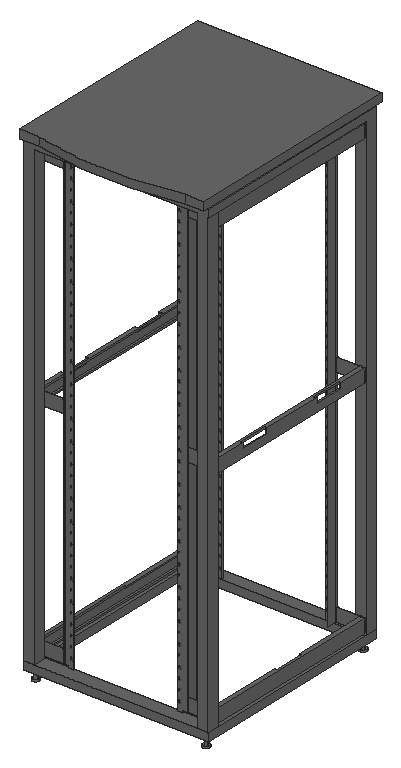
Revit family "V81A-45U-800x1000mm WITHOUT DOORS-03.04.14", category Electrical Equipment, Revit 2013 (continued)
Lines and regions (mm)
  model lines
    curve 633: line (-268.89, 338.074, 2151.25) -> (-272.89, 338.074, 2151.25)
    curve 634: line (-272.89, 338.074, 2151.25) -> (-272.89, 336.074, 2151.25)
    curve 635: line (-272.89, 336.074, 2151.25) -> (-278.89, 336.074, 2151.25)
    curve 636: line (-282.89, 341.074, 2151.25) -> (-282.89, 338.074, 2151.25)
    curve 637: line (-282.89, 338.074, 2151.25) -> (-278.89, 338.074, 2151.25)
    curve 638: line (-278.89, 338.074, 2151.25) -> (-278.89, 336.074, 2151.25)
    curve 639: line (-268.89, 341.074, 2151.25) -> (-272.89, 341.074, 2151.25)
    curve 640: line (-272.89, 341.074, 2151.25) -> (-272.89, 343.074, 2151.25)
    curve 641: line (-272.89, 343.074, 2151.25) -> (-278.89, 343.074, 2151.25)
    curve 642: line (-282.89, 341.074, 2151.25) -> (-278.89, 341.074, 2151.25)
    curve 643: line (-278.89, 341.074, 2151.25) -> (-278.89, 343.074, 2151.25)
    curve 644: line (-268.89, 205.074, 2151.25) -> (-268.89, 202.074, 2151.25)
    curve 645: line (-268.89, 202.074, 2151.25) -> (-272.89, 202.074, 2151.25)
    curve 646: line (-272.89, 202.074, 2151.25) -> (-272.89, 200.074, 2151.25)
    curve 647: line (-272.89, 200.074, 2151.25) -> (-278.89, 200.074, 2151.25)
    curve 648: line (-282.89, 205.074, 2151.25) -> (-282.89, 202.074, 2151.25)
    curve 649: line (-282.89, 202.074, 2151.25) -> (-278.89, 202.074, 2151.25)
    curve 650: line (-278.89, 202.074, 2151.25) -> (-278.89, 200.074, 2151.25)
    curve 651: line (-268.89, 205.074, 2151.25) -> (-272.89, 205.074, 2151.25)
    curve 652: line (-272.89, 205.074, 2151.25) -> (-272.89, 207.074, 2151.25)
    curve 653: line (-272.89, 207.074, 2151.25) -> (-278.89, 207.074, 2151.25)
    curve 654: line (-282.89, 205.074, 2151.25) -> (-278.89, 205.074, 2151.25)
    curve 655: line (-278.89, 205.074, 2151.25) -> (-278.89, 207.074, 2151.25)
    curve 656: line (-268.89, 273.074, 2151.25) -> (-268.89, 270.074, 2151.25)
    curve 657: line (-268.89, 270.074, 2151.25) -> (-272.89, 270.074, 2151.25)
    curve 658: line (-272.89, 270.074, 2151.25) -> (-272.89, 268.074, 2151.25)
    curve 659: line (-272.89, 268.074, 2151.25) -> (-278.89, 268.074, 2151.25)
    curve 660: line (-282.89, 273.074, 2151.25) -> (-282.89, 270.074, 2151.25)
    curve 661: line (-282.89, 270.074, 2151.25) -> (-278.89, 270.074, 2151.25)
    curve 662: line (-278.89, 270.074, 2151.25) -> (-278.89, 268.074, 2151.25)
    curve 663: line (-268.89, 273.074, 2151.25) -> (-272.89, 273.074, 2151.25)
    curve 664: line (-272.89, 273.074, 2151.25) -> (-272.89, 275.074, 2151.25)
    curve 665: line (-272.89, 275.074, 2151.25) -> (-278.89, 275.074, 2151.25)
    curve 666: line (-282.89, 273.074, 2151.25) -> (-278.89, 273.074, 2151.25)
    curve 667: line (-278.89, 273.074, 2151.25) -> (-278.89, 275.074, 2151.25)
    curve 668: line (-268.89, 236.074, 2151.25) -> (-268.89, 239.074, 2151.25)
    curve 669: line (-268.89, 239.074, 2151.25) -> (-272.89, 239.074, 2151.25)
    curve 670: line (-272.89, 239.074, 2151.25) -> (-272.89, 241.074, 2151.25)
    curve 671: line (-272.89, 241.074, 2151.25) -> (-278.89, 241.074, 2151.25)
    curve 672: line (-282.89, 236.074, 2151.25) -> (-282.89, 239.074, 2151.25)
    curve 673: line (-282.89, 239.074, 2151.25) -> (-278.89, 239.074, 2151.25)
    curve 674: line (-278.89, 239.074, 2151.25) -> (-278.89, 241.074, 2151.25)
    curve 675: line (-268.89, 236.074, 2151.25) -> (-272.89, 236.074, 2151.25)
    curve 676: line (-272.89, 236.074, 2151.25) -> (-272.89, 234.074, 2151.25)
    curve 677: line (-272.89, 234.074, 2151.25) -> (-278.89, 234.074, 2151.25)
    curve 678: line (-282.89, 236.074, 2151.25) -> (-278.89, 236.074, 2151.25)
    curve 679: line (-278.89, 236.074, 2151.25) -> (-278.89, 234.074, 2151.25)
Dimensions and locks
  nested 1 to nested 2 = 806.039 mm
  cut or joined group of Extrusion 1, Extrusion 2 to cut or joined group of Extrusion 1, Extrusion 2 = 707.913 mm
  Extrusion 3 to cut or joined group of Extrusion 1, Extrusion 2 = 2002.20 mm
  Extrusion 8 to Extrusion 6 = 2150.00 mm
Nested families
  nested 1: "VersaPOD-Frame" at (100.084, 486.862, -7.333), type "VersaPOD-Frame"
  nested 2: "VersaPOD-Frame" at (100.084, 543.841, -7.333), type "VersaPOD-Frame"
  nested 3: "VersaPOD-Frame" at (102.728, 486.862, -7.333) x (-1, 0, 0) z (0, 0, 1), type "VersaPOD-Frame"
  nested 4: "VersaPOD-Frame" at (102.728, 543.86, -7.333) x (-1, 0, 0) z (0, 0, 1), type "VersaPOD-Frame"
  nested 5: "CC-new" at (-186.885, 954.94, 2011.866) x (0, 1, 0) z (-1, 0, 0), type "CC-new"
  nested 6: "CC" at (-186.852, 76.22, 1033.723) x (0, -1, 0) z (-1, 0, 0), type "CC"
  nested 7: "CC-new" at (-186.918, 954.94, 85.925) x (0, 1, 0) z (-1, 0, 0), type "CC-new"
  nested 8: "CC-new" at (390.11, 954.94, 2011.846) x (0, 1, 0) z (1, 0, 0), type "CC-new"
  nested 9: "CC" at (390.133, 77.47, 1033.723) x (0, -1, 0) z (1, 0, 0), type "CC"
  nested 10: "CC-new" at (390, 954.94, 86.081) x (0, 1, 0) z (1, 0, 0), type "CC-new"
Definition of nested family "VersaPOD-Frame"
  Parameters (values of type "VersaPOD-Frame")
    Material = none
    Assembly Code = ""
  Reference planes
    plane 1 "Center (Front/Back)": y = 0
    plane 2: z = 0
    plane 3 "Center (Left/Right)": x = 0
  Forms (mm)
    Extrusion 1, solid, material "SIEMON STEEL(1)"
      sketch origin (172.75, 374.529, 83.392) x (-1, 0, 0) y (0, 0, 1)
        loop
          arc (-54.5, 1997.687) -> (-54.765, 1998.538) -> (-55.467, 1999.087) r 1.497
          line (-55.467, 1999.087) -> (-76.055, 1999.087)
          arc (-76.055, 1999.087) -> (-77.079, 1998.664) -> (-77.503, 1997.64) r 1.447
          line (-77.503, 1997.64) -> (-77.503, 1992.25) -> (-97.502, 1992.25) -> (-97.502, 8.219) -> (-77.503, 8.219) -> (-77.503, 2.907)
          arc (-77.503, 2.907) -> (-77.079, 1.883) -> (-76.055, 1.459) r 1.447
          line (-76.055, 1.459) -> (-55.529, 1.459)
          arc (-55.529, 1.459) -> (-54.785, 1.99) -> (-54.5, 2.859) r 1.467
          line (-54.5, 2.859) -> (-54.5, 1997.687)
        loop
          line (-66.648, 1954.997) -> (-66.648, 1945.497) -> (-57.148, 1945.497) -> (-57.148, 1954.997) -> (-66.648, 1954.997)
        loop
          line (-66.648, 1901.097) -> (-57.148, 1901.097) -> (-57.148, 1910.597) -> (-66.648, 1910.597) -> (-66.648, 1901.097)
        loop
          line (-66.648, 1866.197) -> (-66.648, 1856.697) -> (-57.148, 1856.697) -> (-57.148, 1866.197) -> (-66.648, 1866.197)
        loop
          line (-66.648, 1777.397) -> (-66.648, 1767.897) -> (-57.148, 1767.897) -> (-57.148, 1777.397) -> (-66.648, 1777.397)
        loop
          line (-66.648, 1812.297) -> (-57.148, 1812.297) -> (-57.148, 1821.797) -> (-66.648, 1821.797) -> (-66.648, 1812.297)
        loop
          line (-66.648, 1599.797) -> (-66.648, 1590.297) -> (-57.148, 1590.297) -> (-57.148, 1599.797) -> (-66.648, 1599.797)
        loop
          line (-66.648, 1634.697) -> (-57.148, 1634.697) -> (-57.148, 1644.197) -> (-66.648, 1644.197) -> (-66.648, 1634.697)
        loop
          line (-66.648, 1723.497) -> (-57.148, 1723.497) -> (-57.148, 1732.997) -> (-66.648, 1732.997) -> (-66.648, 1723.497)
        loop
          line (-66.648, 1688.597) -> (-66.648, 1679.097) -> (-57.148, 1679.097) -> (-57.148, 1688.597) -> (-66.648, 1688.597)
        loop
          line (-66.648, 1244.597) -> (-66.648, 1235.097) -> (-57.148, 1235.097) -> (-57.148, 1244.597) -> (-66.648, 1244.597)
        loop
          line (-66.648, 1279.497) -> (-57.148, 1279.497) -> (-57.148, 1288.997) -> (-66.648, 1288.997) -> (-66.648, 1279.497)
        loop
          line (-66.648, 1368.297) -> (-57.148, 1368.297) -> (-57.148, 1377.797) -> (-66.648, 1377.797) -> (-66.648, 1368.297)
        loop
          line (-66.648, 1333.397) -> (-66.648, 1323.897) -> (-57.148, 1323.897) -> (-57.148, 1333.397) -> (-66.648, 1333.397)
        loop
          line (-66.648, 1545.897) -> (-57.148, 1545.897) -> (-57.148, 1555.397) -> (-66.648, 1555.397) -> (-66.648, 1545.897)
        loop
          line (-66.648, 1510.997) -> (-66.648, 1501.497) -> (-57.148, 1501.497) -> (-57.148, 1510.997) -> (-66.648, 1510.997)
        loop
          line (-66.648, 1422.197) -> (-66.648, 1412.697) -> (-57.148, 1412.697) -> (-57.148, 1422.197) -> (-66.648, 1422.197)
        loop
          line (-66.648, 1457.097) -> (-57.148, 1457.097) -> (-57.148, 1466.597) -> (-66.648, 1466.597) -> (-66.648, 1457.097)
        loop
          line (-66.648, 534.197) -> (-66.648, 524.697) -> (-57.148, 524.697) -> (-57.148, 534.197) -> (-66.648, 534.197)
        loop
          line (-66.648, 569.097) -> (-57.148, 569.097) -> (-57.148, 578.597) -> (-66.648, 578.597) -> (-66.648, 569.097)
        loop
          line (-66.648, 657.897) -> (-57.148, 657.897) -> (-57.148, 667.397) -> (-66.648, 667.397) -> (-66.648, 657.897)
        loop
          line (-66.648, 622.997) -> (-66.648, 613.497) -> (-57.148, 613.497) -> (-57.148, 622.997) -> (-66.648, 622.997)
        loop
          line (-66.648, 835.497) -> (-57.148, 835.497) -> (-57.148, 844.997) -> (-66.648, 844.997) -> (-66.648, 835.497)
        loop
          line (-66.648, 800.597) -> (-66.648, 791.097) -> (-57.148, 791.097) -> (-57.148, 800.597) -> (-66.648, 800.597)
        loop
          line (-66.648, 711.797) -> (-66.648, 702.297) -> (-57.148, 702.297) -> (-57.148, 711.797) -> (-66.648, 711.797)
        loop
          line (-66.648, 746.697) -> (-57.148, 746.697) -> (-57.148, 756.197) -> (-66.648, 756.197) -> (-66.648, 746.697)
        loop
          line (-66.648, 1190.697) -> (-57.148, 1190.697) -> (-57.148, 1200.197) -> (-66.648, 1200.197) -> (-66.648, 1190.697)
        loop
          line (-66.648, 1155.797) -> (-66.648, 1146.297) -> (-57.148, 1146.297) -> (-57.148, 1155.797) -> (-66.648, 1155.797)
        loop
          line (-66.648, 1066.997) -> (-66.648, 1057.497) -> (-57.148, 1057.497) -> (-57.148, 1066.997) -> (-66.648, 1066.997)
        loop
          line (-66.648, 1101.897) -> (-57.148, 1101.897) -> (-57.148, 1111.397) -> (-66.648, 1111.397) -> (-66.648, 1101.897)
        loop
          line (-66.648, 889.397) -> (-66.648, 879.897) -> (-57.148, 879.897) -> (-57.148, 889.397) -> (-66.648, 889.397)
        loop
          line (-66.648, 924.297) -> (-57.148, 924.297) -> (-57.148, 933.797) -> (-66.648, 933.797) -> (-66.648, 924.297)
        loop
          line (-66.648, 1013.097) -> (-57.148, 1013.097) -> (-57.148, 1022.597) -> (-66.648, 1022.597) -> (-66.648, 1013.097)
        loop
          line (-66.648, 978.197) -> (-66.648, 968.697) -> (-57.148, 968.697) -> (-57.148, 978.197) -> (-66.648, 978.197)
        loop
          line (-66.648, 480.297) -> (-57.148, 480.297) -> (-57.148, 489.797) -> (-66.648, 489.797) -> (-66.648, 480.297)
        loop
          line (-66.648, 445.397) -> (-66.648, 435.897) -> (-57.148, 435.897) -> (-57.148, 445.397) -> (-66.648, 445.397)
        loop
          line (-66.648, 356.597) -> (-66.648, 347.097) -> (-57.148, 347.097) -> (-57.148, 356.597) -> (-66.648, 356.597)
        loop
          line (-66.648, 391.497) -> (-57.148, 391.497) -> (-57.148, 400.997) -> (-66.648, 400.997) -> (-66.648, 391.497)
        loop
          line (-66.648, 178.997) -> (-66.648, 169.497) -> (-57.148, 169.497) -> (-57.148, 178.997) -> (-66.648, 178.997)
        loop
          line (-66.648, 213.897) -> (-57.148, 213.897) -> (-57.148, 223.397) -> (-66.648, 223.397) -> (-66.648, 213.897)
        loop
          line (-66.648, 302.697) -> (-57.148, 302.697) -> (-57.148, 312.197) -> (-66.648, 312.197) -> (-66.648, 302.697)
        loop
          line (-66.648, 267.797) -> (-66.648, 258.297) -> (-57.148, 258.297) -> (-57.148, 267.797) -> (-66.648, 267.797)
        loop
          line (-66.648, 125.097) -> (-57.148, 125.097) -> (-57.148, 134.597) -> (-66.648, 134.597) -> (-66.648, 125.097)
        loop
          line (-66.648, 90.197) -> (-66.648, 80.697) -> (-57.148, 80.697) -> (-57.148, 90.197) -> (-66.648, 90.197)
        loop
          line (-66.648, 36.297) -> (-57.148, 36.297) -> (-57.148, 45.797) -> (-66.648, 45.797) -> (-66.648, 36.297)
        loop
          line (-66.648, 1997.2) -> (-66.648, 1987.7) -> (-57.148, 1987.7) -> (-57.148, 1997.2) -> (-66.648, 1997.2)
      from -2 to 0
    Extrusion 2, solid, material "SIEMON STEEL(1)"
      sketch origin (268.253, 275.026, 83.392) x (0, -1, 0) y (0, 0, 1)
        loop
          line (-97.502, 1992.25) -> (-97.502, 8.219) -> (-54.5, 8.219) -> (-54.5, 1992.25) -> (-97.502, 1992.25)
      from -2 to 0
  Lines and regions (mm)
    model lines
      curve 1: line (270.253, 332.174, 2038.311) -> (270.253, 341.674, 2038.311)
      curve 2: line (270.253, 332.174, 2028.811) -> (270.253, 332.174, 2038.311)
      curve 3: line (270.253, 341.674, 2028.811) -> (270.253, 332.174, 2028.811)
      curve 4: line (270.253, 341.674, 2038.311) -> (270.253, 341.674, 2028.811)
      curve 5: line (270.253, 332.174, 1993.911) -> (270.253, 341.674, 1993.911)
      curve 6: line (270.253, 332.174, 1984.411) -> (270.253, 332.174, 1993.911)
      curve 7: line (270.253, 341.674, 1984.411) -> (270.253, 332.174, 1984.411)
      curve 8: line (270.253, 341.674, 1993.911) -> (270.253, 341.674, 1984.411)
      curve 9: line (270.253, 332.174, 1772.269) -> (270.253, 341.674, 1772.269)
      curve 10: line (270.253, 332.174, 1762.769) -> (270.253, 332.174, 1772.269)
      curve 11: line (270.253, 341.674, 1762.769) -> (270.253, 332.174, 1762.769)
      curve 12: line (270.253, 341.674, 1772.269) -> (270.253, 341.674, 1762.769)
      curve 13: line (270.253, 332.174, 1727.988) -> (270.253, 341.674, 1727.988)
      curve 14: line (270.253, 332.174, 1718.488) -> (270.253, 332.174, 1727.988)
      curve 15: line (270.253, 341.674, 1718.488) -> (270.253, 332.174, 1718.488)
      curve 16: line (270.253, 341.674, 1727.988) -> (270.253, 341.674, 1718.488)
      curve 17: line (270.253, 332.174, 1683.588) -> (270.253, 341.674, 1683.588)
      curve 18: line (270.253, 332.174, 1674.088) -> (270.253, 332.174, 1683.588)
      curve 19: line (270.253, 341.674, 1674.088) -> (270.253, 332.174, 1674.088)
      curve 20: line (270.253, 341.674, 1683.588) -> (270.253, 341.674, 1674.088)
      curve 21: line (270.253, 332.174, 1461.827) -> (270.253, 341.674, 1461.827)
      curve 22: line (270.253, 332.174, 1452.327) -> (270.253, 332.174, 1461.827)
      curve 23: line (270.253, 341.674, 1452.327) -> (270.253, 332.174, 1452.327)
      curve 24: line (270.253, 341.674, 1461.827) -> (270.253, 341.674, 1452.327)
      curve 25: line (270.253, 332.174, 1417.547) -> (270.253, 341.674, 1417.547)
      curve 26: line (270.253, 332.174, 1408.047) -> (270.253, 332.174, 1417.547)
      curve 27: line (270.253, 341.674, 1408.047) -> (270.253, 332.174, 1408.047)
      curve 28: line (270.253, 341.674, 1417.547) -> (270.253, 341.674, 1408.047)
      curve 29: line (270.253, 332.174, 1373.147) -> (270.253, 341.674, 1373.147)
      curve 30: line (270.253, 332.174, 1363.647) -> (270.253, 332.174, 1373.147)
      curve 31: line (270.253, 341.674, 1363.647) -> (270.253, 332.174, 1363.647)
      curve 32: line (270.253, 341.674, 1373.147) -> (270.253, 341.674, 1363.647)
      curve 33: line (270.253, 332.174, 1151.505) -> (270.253, 341.674, 1151.505)
      curve 34: line (270.253, 332.174, 1142.005) -> (270.253, 332.174, 1151.505)
      curve 35: line (270.253, 341.674, 1142.005) -> (270.253, 332.174, 1142.005)
      curve 36: line (270.253, 341.674, 1151.505) -> (270.253, 341.674, 1142.005)
      curve 37: line (270.253, 332.174, 1107.224) -> (270.253, 341.674, 1107.224)
      curve 38: line (270.253, 332.174, 1097.724) -> (270.253, 332.174, 1107.224)
      curve 39: line (270.253, 341.674, 1097.724) -> (270.253, 332.174, 1097.724)
      curve 40: line (270.253, 341.674, 1107.224) -> (270.253, 341.674, 1097.724)
      curve 41: line (270.253, 332.174, 1062.824) -> (270.253, 341.674, 1062.824)
      curve 42: line (270.253, 332.174, 1053.324) -> (270.253, 332.174, 1062.824)
      curve 43: line (270.253, 341.674, 1053.324) -> (270.253, 332.174, 1053.324)
      curve 44: line (270.253, 341.674, 1062.824) -> (270.253, 341.674, 1053.324)
      curve 45: line (270.253, 332.174, 841.068) -> (270.253, 341.674, 841.068)
      curve 46: line (270.253, 332.174, 831.568) -> (270.253, 332.174, 841.068)
      curve 47: line (270.253, 341.674, 831.568) -> (270.253, 332.174, 831.568)
      curve 48: line (270.253, 341.674, 841.068) -> (270.253, 341.674, 831.568)
      curve 49: line (270.253, 332.174, 796.787) -> (270.253, 341.674, 796.787)
      curve 50: line (270.253, 332.174, 787.287) -> (270.253, 332.174, 796.787)
      curve 51: line (270.253, 341.674, 787.287) -> (270.253, 332.174, 787.287)
      curve 52: line (270.253, 341.674, 796.787) -> (270.253, 341.674, 787.287)
      curve 53: line (270.253, 332.174, 752.387) -> (270.253, 341.674, 752.387)
      curve 54: line (270.253, 332.174, 742.887) -> (270.253, 332.174, 752.387)
      curve 55: line (270.253, 341.674, 742.887) -> (270.253, 332.174, 742.887)
      curve 56: line (270.253, 341.674, 752.387) -> (270.253, 341.674, 742.887)
      curve 57: line (270.253, 332.174, 530.746) -> (270.253, 341.674, 530.746)
      curve 58: line (270.253, 332.174, 521.246) -> (270.253, 332.174, 530.746)
      curve 59: line (270.253, 341.674, 521.246) -> (270.253, 332.174, 521.246)
      curve 60: line (270.253, 341.674, 530.746) -> (270.253, 341.674, 521.246)
      curve 61: line (270.253, 332.174, 486.465) -> (270.253, 341.674, 486.465)
      curve 62: line (270.253, 332.174, 476.965) -> (270.253, 332.174, 486.465)
      curve 63: line (270.253, 341.674, 476.965) -> (270.253, 332.174, 476.965)
      curve 64: line (270.253, 341.674, 486.465) -> (270.253, 341.674, 476.965)
      curve 65: line (270.253, 332.174, 442.065) -> (270.253, 341.674, 442.065)
      curve 66: line (270.253, 332.174, 432.565) -> (270.253, 332.174, 442.065)
      curve 67: line (270.253, 341.674, 432.565) -> (270.253, 332.174, 432.565)
      curve 68: line (270.253, 341.674, 442.065) -> (270.253, 341.674, 432.565)
      curve 69: line (270.253, 332.174, 220.304) -> (270.253, 341.674, 220.304)
      curve 70: line (270.253, 332.174, 210.804) -> (270.253, 332.174, 220.304)
      curve 71: line (270.253, 341.674, 210.804) -> (270.253, 332.174, 210.804)
      curve 72: line (270.253, 341.674, 220.304) -> (270.253, 341.674, 210.804)
      curve 73: line (270.253, 332.174, 176.023) -> (270.253, 341.674, 176.023)
      curve 74: line (270.253, 332.174, 166.523) -> (270.253, 332.174, 176.023)
      curve 75: line (270.253, 341.674, 166.523) -> (270.253, 332.174, 166.523)
      curve 76: line (270.253, 341.674, 176.023) -> (270.253, 341.674, 166.523)
      curve 77: line (270.253, 332.174, 131.623) -> (270.253, 341.674, 131.623)
      curve 78: line (270.253, 332.174, 122.123) -> (270.253, 332.174, 131.623)
      curve 79: line (270.253, 341.674, 122.123) -> (270.253, 332.174, 122.123)
      curve 80: line (270.253, 341.674, 131.623) -> (270.253, 341.674, 122.123)
      curve 81: line (270.253, 332.174, 1949.63) -> (270.253, 341.674, 1949.63)
      curve 82: line (270.253, 332.174, 1940.13) -> (270.253, 332.174, 1949.63)
      curve 83: line (270.253, 341.674, 1940.13) -> (270.253, 332.174, 1940.13)
      curve 84: line (270.253, 341.674, 1949.63) -> (270.253, 341.674, 1940.13)
      curve 85: line (270.253, 332.174, 1905.23) -> (270.253, 341.674, 1905.23)
      curve 86: line (270.253, 332.174, 1895.73) -> (270.253, 332.174, 1905.23)
      curve 87: line (270.253, 341.674, 1895.73) -> (270.253, 332.174, 1895.73)
      curve 88: line (270.253, 341.674, 1905.23) -> (270.253, 341.674, 1895.73)
      curve 89: line (270.253, 332.174, 1860.95) -> (270.253, 341.674, 1860.95)
      curve 90: line (270.253, 332.174, 1851.45) -> (270.253, 332.174, 1860.95)
      curve 91: line (270.253, 341.674, 1851.45) -> (270.253, 332.174, 1851.45)
      curve 92: line (270.253, 341.674, 1860.95) -> (270.253, 341.674, 1851.45)
      curve 93: line (270.253, 332.174, 1816.55) -> (270.253, 341.674, 1816.55)
      curve 94: line (270.253, 332.174, 1807.05) -> (270.253, 332.174, 1816.55)
      curve 95: line (270.253, 341.674, 1807.05) -> (270.253, 332.174, 1807.05)
      curve 96: line (270.253, 341.674, 1816.55) -> (270.253, 341.674, 1807.05)
      curve 97: line (270.253, 332.174, 1639.308) -> (270.253, 341.674, 1639.308)
      curve 98: line (270.253, 332.174, 1629.808) -> (270.253, 332.174, 1639.308)
      curve 99: line (270.253, 341.674, 1629.808) -> (270.253, 332.174, 1629.808)
      curve 100: line (270.253, 341.674, 1639.308) -> (270.253, 341.674, 1629.808)
      curve 101: line (270.253, 332.174, 1594.908) -> (270.253, 341.674, 1594.908)
      curve 102: line (270.253, 332.174, 1585.408) -> (270.253, 332.174, 1594.908)
      curve 103: line (270.253, 341.674, 1585.408) -> (270.253, 332.174, 1585.408)
      curve 104: line (270.253, 341.674, 1594.908) -> (270.253, 341.674, 1585.408)
      curve 105: line (270.253, 332.174, 1550.627) -> (270.253, 341.674, 1550.627)
      curve 106: line (270.253, 332.174, 1541.127) -> (270.253, 332.174, 1550.627)
      curve 107: line (270.253, 341.674, 1541.127) -> (270.253, 332.174, 1541.127)
      curve 108: line (270.253, 341.674, 1550.627) -> (270.253, 341.674, 1541.127)
      curve 109: line (270.253, 332.174, 1506.227) -> (270.253, 341.674, 1506.227)
      curve 110: line (270.253, 332.174, 1496.727) -> (270.253, 332.174, 1506.227)
      curve 111: line (270.253, 341.674, 1496.727) -> (270.253, 332.174, 1496.727)
      curve 112: line (270.253, 341.674, 1506.227) -> (270.253, 341.674, 1496.727)
      curve 113: line (270.253, 332.174, 1328.866) -> (270.253, 341.674, 1328.866)
      curve 114: line (270.253, 332.174, 1319.366) -> (270.253, 332.174, 1328.866)
      curve 115: line (270.253, 341.674, 1319.366) -> (270.253, 332.174, 1319.366)
      curve 116: line (270.253, 341.674, 1328.866) -> (270.253, 341.674, 1319.366)
      curve 117: line (270.253, 332.174, 1284.466) -> (270.253, 341.674, 1284.466)
      curve 118: line (270.253, 332.174, 1274.966) -> (270.253, 332.174, 1284.466)
      curve 119: line (270.253, 341.674, 1274.966) -> (270.253, 332.174, 1274.966)
      curve 120: line (270.253, 341.674, 1284.466) -> (270.253, 341.674, 1274.966)
      curve 121: line (270.253, 332.174, 1240.185) -> (270.253, 341.674, 1240.185)
      curve 122: line (270.253, 332.174, 1230.685) -> (270.253, 332.174, 1240.185)
      curve 123: line (270.253, 341.674, 1230.685) -> (270.253, 332.174, 1230.685)
      curve 124: line (270.253, 341.674, 1240.185) -> (270.253, 341.674, 1230.685)
      curve 125: line (270.253, 332.174, 1195.785) -> (270.253, 341.674, 1195.785)
      curve 126: line (270.253, 332.174, 1186.285) -> (270.253, 332.174, 1195.785)
      curve 127: line (270.253, 341.674, 1186.285) -> (270.253, 332.174, 1186.285)
      curve 128: line (270.253, 341.674, 1195.785) -> (270.253, 341.674, 1186.285)
      curve 129: line (270.253, 332.174, 1018.543) -> (270.253, 341.674, 1018.543)
      curve 130: line (270.253, 332.174, 1009.043) -> (270.253, 332.174, 1018.543)
      curve 131: line (270.253, 341.674, 1009.043) -> (270.253, 332.174, 1009.043)
      curve 132: line (270.253, 341.674, 1018.543) -> (270.253, 341.674, 1009.043)
      curve 133: line (270.253, 332.174, 974.143) -> (270.253, 341.674, 974.143)
      curve 134: line (270.253, 332.174, 964.643) -> (270.253, 332.174, 974.143)
      curve 135: line (270.253, 341.674, 964.643) -> (270.253, 332.174, 964.643)
      curve 136: line (270.253, 341.674, 974.143) -> (270.253, 341.674, 964.643)
      curve 137: line (270.253, 332.174, 929.863) -> (270.253, 341.674, 929.863)
      curve 138: line (270.253, 332.174, 920.363) -> (270.253, 332.174, 929.863)
      curve 139: line (270.253, 341.674, 920.363) -> (270.253, 332.174, 920.363)
      curve 140: line (270.253, 341.674, 929.863) -> (270.253, 341.674, 920.363)
      curve 141: line (270.253, 332.174, 885.463) -> (270.253, 341.674, 885.463)
      curve 142: line (270.253, 332.174, 875.963) -> (270.253, 332.174, 885.463)
      curve 143: line (270.253, 341.674, 875.963) -> (270.253, 332.174, 875.963)
      curve 144: line (270.253, 341.674, 885.463) -> (270.253, 341.674, 875.963)
      curve 145: line (270.253, 332.174, 708.107) -> (270.253, 341.674, 708.107)
      curve 146: line (270.253, 332.174, 698.607) -> (270.253, 332.174, 708.107)
      curve 147: line (270.253, 341.674, 698.607) -> (270.253, 332.174, 698.607)
      curve 148: line (270.253, 341.674, 708.107) -> (270.253, 341.674, 698.607)
      curve 149: line (270.253, 332.174, 663.707) -> (270.253, 341.674, 663.707)
      curve 150: line (270.253, 332.174, 654.207) -> (270.253, 332.174, 663.707)
      curve 151: line (270.253, 341.674, 654.207) -> (270.253, 332.174, 654.207)
      curve 152: line (270.253, 341.674, 663.707) -> (270.253, 341.674, 654.207)
      curve 153: line (270.253, 332.174, 619.426) -> (270.253, 341.674, 619.426)
      curve 154: line (270.253, 332.174, 609.926) -> (270.253, 332.174, 619.426)
      curve 155: line (270.253, 341.674, 609.926) -> (270.253, 332.174, 609.926)
      curve 156: line (270.253, 341.674, 619.426) -> (270.253, 341.674, 609.926)
      curve 157: line (270.253, 332.174, 575.026) -> (270.253, 341.674, 575.026)
      curve 158: line (270.253, 332.174, 565.526) -> (270.253, 332.174, 575.026)
      curve 159: line (270.253, 341.674, 565.526) -> (270.253, 332.174, 565.526)
      curve 160: line (270.253, 341.674, 575.026) -> (270.253, 341.674, 565.526)
      curve 161: line (270.253, 332.174, 397.784) -> (270.253, 341.674, 397.784)
      curve 162: line (270.253, 332.174, 388.284) -> (270.253, 332.174, 397.784)
      curve 163: line (270.253, 341.674, 388.284) -> (270.253, 332.174, 388.284)
      curve 164: line (270.253, 341.674, 397.784) -> (270.253, 341.674, 388.284)
      curve 165: line (270.253, 332.174, 353.384) -> (270.253, 341.674, 353.384)
      curve 166: line (270.253, 332.174, 343.884) -> (270.253, 332.174, 353.384)
      curve 167: line (270.253, 341.674, 343.884) -> (270.253, 332.174, 343.884)
      curve 168: line (270.253, 341.674, 353.384) -> (270.253, 341.674, 343.884)
      curve 169: line (270.253, 332.174, 309.104) -> (270.253, 341.674, 309.104)
      curve 170: line (270.253, 332.174, 299.604) -> (270.253, 332.174, 309.104)
      curve 171: line (270.253, 341.674, 299.604) -> (270.253, 332.174, 299.604)
      curve 172: line (270.253, 341.674, 309.104) -> (270.253, 341.674, 299.604)
      curve 173: line (270.253, 332.174, 264.704) -> (270.253, 341.674, 264.704)
      curve 174: line (270.253, 332.174, 255.204) -> (270.253, 332.174, 264.704)
      curve 175: line (270.253, 341.674, 255.204) -> (270.253, 332.174, 255.204)
      curve 176: line (270.253, 341.674, 264.704) -> (270.253, 341.674, 255.204)
      curve 177: line (250.221, 374.974, 2075.627) -> (250.221, 374.974, 91.446)
      curve 178: line (270.253, 332.174, 2073.311) -> (270.253, 341.674, 2073.311)
      curve 179: line (270.253, 332.174, 2063.811) -> (270.253, 332.174, 2073.311)
      curve 180: line (270.253, 341.674, 2063.811) -> (270.253, 332.174, 2063.811)
      curve 181: line (270.253, 341.674, 2073.311) -> (270.253, 341.674, 2063.811)
Definition of nested family "CC-new"
  Parameters (values of type "CC-new")
    Default Elevation = 1219.20 mm
  Reference planes
    plane 1 "Center (Front/Back)": y = 0
    plane 2: z = 0
    plane 3 "Center (Left/Right)": x = 0
  Forms (mm)
    Extrusion 1, solid
      sketch origin (0, 0, 0) x (1, 0, 0) y (0, 1, 0)
        loop
          line (-1219.2, 1219.2) -> (-1219.2, -1219.2) -> (1219.2, -1219.2) -> (1219.2, 1219.2) -> (-1219.2, 1219.2)
      from 0 to -304.8
    Extrusion 2, solid, material "SIEMON STEEL"
      sketch origin (-341.312, 0, 0) x (0, 1, 0) y (0, 0, 1)
        loop
          line (-1.769, 105.31) -> (-1.769, 87.225) -> (4.384, 87.225) -> (4.384, 98.86) -> (50.113, 98.86) -> (50.113, 87.225) -> (56.463, 87.225) -> (56.463, 105.31) -> (-1.769, 105.31)
      from -499.089 to 304.8
    Extrusion 3, void
      sketch origin (0, 39.375, 0) x (1, 0, 0) y (0, 1, 0)
        loop
          line (-371.933, 10.738) -> (-371.933, 17.084) -> (-503.314, 17.084) -> (-503.314, 10.738) -> (-371.933, 10.738)
      from 87.225 to 92.572
    Extrusion 4, solid, material "SIEMON STEEL"
      sketch origin (0, 0, 0) x (0, 1, 0) y (0, 0, 1)
        loop
          line (-1.769, 105.31) -> (-1.769, -21.985) -> (56.463, -21.985) -> (56.463, 105.31) -> (-1.769, 105.31)
      from -36.513 to -38.674
    Extrusion 5, solid, material "SIEMON STEEL"
      sketch origin (-876.914, 0, 0) x (0, 1, 0) y (0, 0, -1)
        loop
          line (-1.769, -105.31) -> (56.463, -105.31) -> (56.463, 21.985) -> (-1.769, 21.985) -> (-1.769, -105.31)
      from -36.513 to -38.319
  Cuts and joins
    Extrusion 3 cuts Extrusion 2
  Lines and regions (mm)
    model lines
      curve 1: circle (-35, 42.213, 20.705) r 3 normal (1, 0, 0)
      curve 2: circle (-35, 12.481, 20.705) r 3 normal (-1, 0, 0)
      curve 3: circle (-841.914, 42.213, 20.705) r 3 normal (1, 0, 0)
      curve 4: circle (-841.914, 12.481, 20.705) r 3 normal (-1, 0, 0)
  Dimensions and locks
    Extrusion 3 sketch curve to cut or joined group of Extrusion 2, Extrusion 3 = 335.42 mm
    cut or joined group of Extrusion 2, Extrusion 3 to Extrusion 3 sketch curve = 337.087 mm
    aligned and locked: plane 2 to Extrusion 1
    aligned and locked: level to Extrusion 1
Definition of nested family "CC"
  Parameters (values of type "CC")
    Default Elevation = 1219.20 mm
  Reference planes
    plane 1 "Center (Front/Back)": y = 0
    plane 2: z = 0
    plane 3 "Center (Left/Right)": x = 0
  Forms (mm)
    Extrusion 1, solid
      sketch origin (0, 0, 0) x (1, 0, 0) y (0, 1, 0)
        loop
          line (-1219.2, 1219.2) -> (-1219.2, -1219.2) -> (1219.2, -1219.2) -> (1219.2, 1219.2) -> (-1219.2, 1219.2)
      from 0 to -304.8
    Extrusion 2, solid, material "SIEMON STEEL"
      sketch origin (-341.312, 0, 0) x (0, 1, 0) y (0, 0, 1)
        loop
          line (22.606, 105.31) -> (22.606, 87.225) -> (28.759, 87.225) -> (28.759, 98.86) -> (74.488, 98.86) -> (74.488, 87.225) -> (80.838, 87.225) -> (80.838, 105.31) -> (22.606, 105.31)
      from -499.089 to 304.8
    Extrusion 3, void
      sketch origin (0, 0, 0) x (1, 0, 0) y (0, 1, 0)
        loop
          line (-177.308, 57.606) -> (-177.308, 80.838) -> (-308.689, 80.838) -> (-308.689, 57.606) -> (-177.308, 57.606)
        loop
          line (-577.136, 57.714) -> (-577.136, 80.838) -> (-708.869, 80.838) -> (-708.869, 57.714) -> (-577.136, 57.714)
      from 94.663 to 105.31
    Extrusion 4, solid, material "SIEMON STEEL"
      sketch origin (0, 0, 0.039) x (0, 1, 0) y (0, 0, 1)
        loop
          line (80.838, 105.265) -> (22.606, 105.265) -> (22.606, -22.025) -> (80.838, -22.025) -> (80.838, 105.265)
      from -36.513 to -38.285
    Extrusion 5, solid, material "SIEMON STEEL"
      sketch origin (-876.919, 0, 0.039) x (0, 1, 0) y (0, 0, -1)
        loop
          line (80.838, -105.271) -> (80.838, 22.025) -> (22.606, 22.025) -> (22.606, -105.271) -> (80.838, -105.271)
      from -36.513 to -38.285
  Cuts and joins
    Extrusion 3 cuts Extrusion 2
  Lines and regions (mm)
    model lines
      curve 1: circle (-35, 66.588, 20.84) r 3 normal (1, 0, 0)
      curve 2: circle (-35, 36.856, 20.84) r 3 normal (-1, 0, 0)
      curve 3: circle (-841.914, 66.588, 20.84) r 3 normal (1, 0, 0)
      curve 4: circle (-841.914, 36.856, 20.84) r 3 normal (-1, 0, 0)
  Dimensions and locks
    cut or joined group of Extrusion 2, Extrusion 3 to cut or joined group of Extrusion 2, Extrusion 3 = 58.232 mm
    aligned and locked: plane 2 to Extrusion 1
    aligned and locked: level to Extrusion 1
